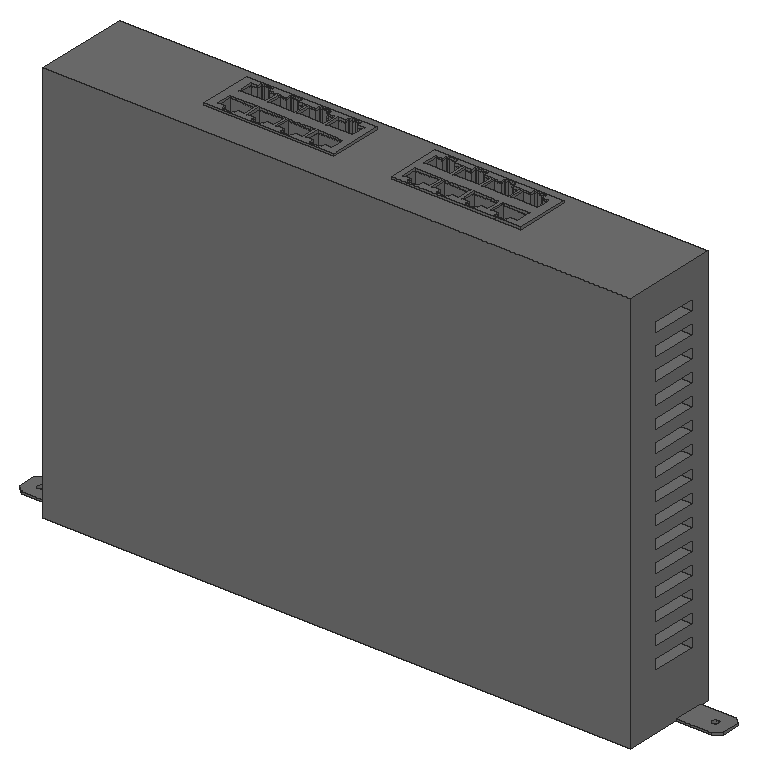
Revit family "Б4958_RV17_LOD400 (05.11.23)", category Электрооборудование, Revit 2017
Family settings
  Конфигурация панели = Два столбца, слева направо
  Размер круглого соединителя = Использовать диаметр
  Тип детали = Щит
  На основе рабочей плоскости = Да
  Всегда вертикально = Нет
  При загрузке вырезать с полостями = Нет
  Общий = Нет
  Точка расчета площади = Нет
Parameters (values of type "Б4958_Инжектор PoE")
  Суммарная мощность подключаемых устройств по РоЕ, Вт = 200
  Стандарт интерфейса связи = "10/100 Base-T Ethernet"
  Смещение_УГО_Y [instance] = 0 mm
  Смещение_УГО_X [instance] = 0 mm
  Расстояние передачи, до, м = 100
  Раздел проекта [instance] = ""
  Раздел Спецификации [instance] = ""
  Потребляемый ток, не более, А = 2.2 A
  Default Elevation = 1219.2 mm
  Напряжение = "220"
  Мощность = "25"
  Максимальная мощность подключаемого устройства по РоЕ на один порт, не более, Вт = 25
  Количество портов LAN и PoE, шт. = 8
  Диапазон рабочих температур, °С = "от – 40 до + 50"
  Выходное напряжение постоянного тока, В = "48 Passive РоЕ"
  Время непрерывной работы = "круглосуточно"
  В_Смещение_УГО_Y [instance] = Смещение_УГО_Y + 2000 mm  # 2000 mm
  В_Смещение_УГО_X [instance] = Смещение_УГО_X + 2000 mm  # 2000 mm
  d_короба = 20 mm
  ADSK_Размер_Длина = 313 mm
  ADSK_Размер_Глубина = 187 mm
  ADSK_Размер_Высота = 45 mm
  ADSK_Примечание = ""
  ADSK_Наименование = "Инжектор РоЕ Б4958\r\n\r\n \r\nИнжектор РоЕ Б4958\r\n\r\nИнжектор РоЕ Б4958"
  ADSK_Масса = 2.6
  ADSK_Марка = "СТВФ.426471.092"
  ADSK_Количество = 1
  ADSK_Завод-изготовитель = "ООО «Основа Безопасности»"  # constant formula
  ADSK_Единица измерения = "шт."  # constant formula
  ADSK_URL страницы изделия = "https://stilsoft.ru/products/b4958"
  ADSK_URL документации изделия = ""
Reference planes
  plane 1 "По центру (Вперед/Назад)": y = 0
  plane 2: z = 0
  plane 3 "По центру (Влево/Вправо)": x = 0
  plane 4: y = 2000
  plane 5: x = -2000
  plane 6: x = 0
  plane 7: y = 0
  plane 8: x = 156.5
  plane 9: x = -156.5
  plane 10: x = -136.5
  plane 11 "1": x = 136.5
Forms (mm)
  Extrusion 1, solid, material "корпус", detail levels medium+fine
    sketch origin (0, 20.413, 0) x (0, -1, 0) y (1, 0, 0)
      loop
        line (45, -136.5) -> (45, 136.5) -> (0, 136.5) -> (0, -136.5) -> (45, -136.5)
    from 0 to 187
  Extrusion 2, solid, material "корпус", detail levels medium+fine
    sketch origin (0, 20.413, 0) x (0, -1, 0) y (1, 0, 0)
      loop
        line (36, -153.469) -> (36, -136.5) -> (22, -136.5) -> (22, -153.469) -> (25.031, -156.5) -> (32.969, -156.5) -> (36, -153.469)
      loop
        circle (29.161, -149.7) r 1.572
      loop
        line (19, 153.469) -> (15.969, 156.5) -> (8.031, 156.5) -> (5, 153.469) -> (5, 136.5) -> (19, 136.5) -> (19, 153.469)
      loop
        circle (12.161, 149.7) r 1.572
    from 0 to 1
  Extrusion 3, void
    sketch origin (136.5, -20.413, -280) x (0, -1, 0) y (0, 0, 1)
      loop
        line (-31.826, 306) -> (-9.826, 306) -> (-9.826, 311) -> (-31.826, 311) -> (-31.826, 306)
    from 0 to 20
  Extrusion 4, void
    sketch origin (136.5, -20.413, -270) x (0, -1, 0) y (0, 0, 1)
      loop
        line (-31.826, 306) -> (-9.826, 306) -> (-9.826, 311) -> (-31.826, 311) -> (-31.826, 306)
    from 0 to 20
  Extrusion 5, void
    sketch origin (136.5, -20.413, -260) x (0, -1, 0) y (0, 0, 1)
      loop
        line (-31.826, 306) -> (-9.826, 306) -> (-9.826, 311) -> (-31.826, 311) -> (-31.826, 306)
    from 0 to 20
  Extrusion 6, void
    sketch origin (136.5, -20.413, -250) x (0, -1, 0) y (0, 0, 1)
      loop
        line (-31.826, 306) -> (-9.826, 306) -> (-9.826, 311) -> (-31.826, 311) -> (-31.826, 306)
    from 0 to 20
  Extrusion 7, void
    sketch origin (136.5, -20.413, -240) x (0, -1, 0) y (0, 0, 1)
      loop
        line (-31.826, 306) -> (-9.826, 306) -> (-9.826, 311) -> (-31.826, 311) -> (-31.826, 306)
    from 0 to 20
  Extrusion 8, void
    sketch origin (136.5, -20.413, -230) x (0, -1, 0) y (0, 0, 1)
      loop
        line (-31.826, 306) -> (-9.826, 306) -> (-9.826, 311) -> (-31.826, 311) -> (-31.826, 306)
    from 0 to 20
  Extrusion 9, void
    sketch origin (136.5, -20.413, -220) x (0, -1, 0) y (0, 0, 1)
      loop
        line (-31.826, 306) -> (-9.826, 306) -> (-9.826, 311) -> (-31.826, 311) -> (-31.826, 306)
    from 0 to 20
  Extrusion 10, void
    sketch origin (136.5, -20.413, -210) x (0, -1, 0) y (0, 0, 1)
      loop
        line (-31.826, 306) -> (-9.826, 306) -> (-9.826, 311) -> (-31.826, 311) -> (-31.826, 306)
    from 0 to 20
  Extrusion 11, void
    sketch origin (136.5, -20.413, -200) x (0, -1, 0) y (0, 0, 1)
      loop
        line (-31.826, 306) -> (-9.826, 306) -> (-9.826, 311) -> (-31.826, 311) -> (-31.826, 306)
    from 0 to 20
  Extrusion 12, void
    sketch origin (136.5, -20.413, -190) x (0, -1, 0) y (0, 0, 1)
      loop
        line (-31.826, 306) -> (-9.826, 306) -> (-9.826, 311) -> (-31.826, 311) -> (-31.826, 306)
    from 0 to 20
  Extrusion 13, void
    sketch origin (136.5, -20.413, -180) x (0, -1, 0) y (0, 0, 1)
      loop
        line (-31.826, 306) -> (-9.826, 306) -> (-9.826, 311) -> (-31.826, 311) -> (-31.826, 306)
    from 0 to 20
  Extrusion 14, void
    sketch origin (136.5, -20.413, -170) x (0, -1, 0) y (0, 0, 1)
      loop
        line (-31.826, 306) -> (-9.826, 306) -> (-9.826, 311) -> (-31.826, 311) -> (-31.826, 306)
    from 0 to 20
  Extrusion 15, void
    sketch origin (136.5, -20.413, -160) x (0, -1, 0) y (0, 0, 1)
      loop
        line (-31.826, 306) -> (-9.826, 306) -> (-9.826, 311) -> (-31.826, 311) -> (-31.826, 306)
    from 0 to 20
  Extrusion 16, void
    sketch origin (136.5, -20.413, -150) x (0, -1, 0) y (0, 0, 1)
      loop
        line (-31.826, 306) -> (-9.826, 306) -> (-9.826, 311) -> (-31.826, 311) -> (-31.826, 306)
    from 0 to 20
  Extrusion 17, void
    sketch origin (136.5, -20.413, -140) x (0, -1, 0) y (0, 0, 1)
      loop
        line (-31.826, 306) -> (-9.826, 306) -> (-9.826, 311) -> (-31.826, 311) -> (-31.826, 306)
    from 0 to 20
  Extrusion 18, solid, material "корпус", detail levels medium+fine
    sketch origin (0, 20.413, 187) x (-1, 0, 0) y (0, -1, 0)
      loop
        line (-73.5, 5) -> (-13.5, 5) -> (-13.5, 30) -> (-73.5, 30) -> (-73.5, 5)
      loop
        line (13.5, 5) -> (73.5, 5) -> (73.5, 30) -> (13.5, 30) -> (13.5, 5)
    from 0 to 1
  Extrusion 19, void, detail levels medium+fine
    sketch origin (0, 20.413, 187) x (-1, 0, 0) y (0, -1, 0)
      loop
        line (-69.5, 20) -> (-57, 20) -> (-57, 26.972) -> (-60.428, 26.972) -> (-60.428, 28.661) -> (-61.221, 28.661) -> (-61.221, 29.5) -> (-63.25, 29.5) -> (-65.279, 29.5) -> (-65.279, 28.661) -> (-66.072, 28.661) -> (-66.072, 26.972) -> (-69.5, 26.972) -> (-69.5, 20)
    from 1 to -9
  Extrusion 20, void
    sketch origin (-13.525, 20.413, 187) x (-1, 0, 0) y (0, -1, 0)
      loop
        line (-69.5, 20) -> (-57, 20) -> (-57, 26.972) -> (-60.428, 26.972) -> (-60.428, 28.661) -> (-61.221, 28.661) -> (-61.221, 29.5) -> (-63.25, 29.5) -> (-65.279, 29.5) -> (-65.279, 28.661) -> (-66.072, 28.661) -> (-66.072, 26.972) -> (-69.5, 26.972) -> (-69.5, 20)
    from 1 to -9
  Extrusion 21, void, detail levels medium+fine
    sketch origin (-27.051, 20.413, 187) x (-1, 0, 0) y (0, -1, 0)
      loop
        line (-69.5, 20) -> (-57, 20) -> (-57, 26.972) -> (-60.428, 26.972) -> (-60.428, 28.661) -> (-61.221, 28.661) -> (-61.221, 29.5) -> (-63.25, 29.5) -> (-65.279, 29.5) -> (-65.279, 28.661) -> (-66.072, 28.661) -> (-66.072, 26.972) -> (-69.5, 26.972) -> (-69.5, 20)
    from 1 to -9
  Extrusion 22, void
    sketch origin (-40.576, 20.413, 187) x (-1, 0, 0) y (0, -1, 0)
      loop
        line (-69.5, 20) -> (-57, 20) -> (-57, 26.972) -> (-60.428, 26.972) -> (-60.428, 28.661) -> (-61.221, 28.661) -> (-61.221, 29.5) -> (-63.25, 29.5) -> (-65.279, 29.5) -> (-65.279, 28.661) -> (-66.072, 28.661) -> (-66.072, 26.972) -> (-69.5, 26.972) -> (-69.5, 20)
    from 1 to -9
  Extrusion 23, void, detail levels medium+fine
    sketch origin (0, 20.413, 187) x (-1, 0, 0) y (0, -1, 0)
      loop
        line (-69.5, 15) -> (-69.5, 8.028) -> (-66.072, 8.028) -> (-66.072, 6.339) -> (-65.279, 6.339) -> (-65.279, 5.5) -> (-63.25, 5.5) -> (-61.221, 5.5) -> (-61.221, 6.339) -> (-60.428, 6.339) -> (-60.428, 8.028) -> (-57, 8.028) -> (-57, 15) -> (-69.5, 15)
    from 1 to -9
  Extrusion 24, void, detail levels medium+fine
    sketch origin (-13.525, 20.413, 187) x (-1, 0, 0) y (0, -1, 0)
      loop
        line (-69.5, 15) -> (-69.5, 8.028) -> (-66.072, 8.028) -> (-66.072, 6.339) -> (-65.279, 6.339) -> (-65.279, 5.5) -> (-63.25, 5.5) -> (-61.221, 5.5) -> (-61.221, 6.339) -> (-60.428, 6.339) -> (-60.428, 8.028) -> (-57, 8.028) -> (-57, 15) -> (-69.5, 15)
    from 1 to -9
  Extrusion 25, void, detail levels medium+fine
    sketch origin (-27.051, 20.413, 187) x (-1, 0, 0) y (0, -1, 0)
      loop
        line (-69.5, 15) -> (-69.5, 8.028) -> (-66.072, 8.028) -> (-66.072, 6.339) -> (-65.279, 6.339) -> (-65.279, 5.5) -> (-63.25, 5.5) -> (-61.221, 5.5) -> (-61.221, 6.339) -> (-60.428, 6.339) -> (-60.428, 8.028) -> (-57, 8.028) -> (-57, 15) -> (-69.5, 15)
    from 1 to -9
  Extrusion 26, void, detail levels medium+fine
    sketch origin (-40.576, 20.413, 187) x (-1, 0, 0) y (0, -1, 0)
      loop
        line (-69.5, 15) -> (-69.5, 8.028) -> (-66.072, 8.028) -> (-66.072, 6.339) -> (-65.279, 6.339) -> (-65.279, 5.5) -> (-63.25, 5.5) -> (-61.221, 5.5) -> (-61.221, 6.339) -> (-60.428, 6.339) -> (-60.428, 8.028) -> (-57, 8.028) -> (-57, 15) -> (-69.5, 15)
    from 1 to -9
  Extrusion 27, void, detail levels medium+fine
    sketch origin (0, 20.413, 187) x (1, 0, 0) y (0, 1, 0)
      loop
        line (-69.5, -20) -> (-69.5, -26.972) -> (-66.072, -26.972) -> (-66.072, -28.661) -> (-65.279, -28.661) -> (-65.279, -29.5) -> (-63.25, -29.5) -> (-61.221, -29.5) -> (-61.221, -28.661) -> (-60.428, -28.661) -> (-60.428, -26.972) -> (-57, -26.972) -> (-57, -20) -> (-69.5, -20)
    from 1 to -9
  Extrusion 28, void
    sketch origin (13.525, 20.413, 187) x (1, 0, 0) y (0, 1, 0)
      loop
        line (-69.5, -20) -> (-69.5, -26.972) -> (-66.072, -26.972) -> (-66.072, -28.661) -> (-65.279, -28.661) -> (-65.279, -29.5) -> (-63.25, -29.5) -> (-61.221, -29.5) -> (-61.221, -28.661) -> (-60.428, -28.661) -> (-60.428, -26.972) -> (-57, -26.972) -> (-57, -20) -> (-69.5, -20)
    from 1 to -9
  Extrusion 29, void, detail levels medium+fine
    sketch origin (27.051, 20.413, 187) x (1, 0, 0) y (0, 1, 0)
      loop
        line (-69.5, -20) -> (-69.5, -26.972) -> (-66.072, -26.972) -> (-66.072, -28.661) -> (-65.279, -28.661) -> (-65.279, -29.5) -> (-63.25, -29.5) -> (-61.221, -29.5) -> (-61.221, -28.661) -> (-60.428, -28.661) -> (-60.428, -26.972) -> (-57, -26.972) -> (-57, -20) -> (-69.5, -20)
    from 1 to -9
  Extrusion 30, void
    sketch origin (40.576, 20.413, 187) x (1, 0, 0) y (0, 1, 0)
      loop
        line (-69.5, -20) -> (-69.5, -26.972) -> (-66.072, -26.972) -> (-66.072, -28.661) -> (-65.279, -28.661) -> (-65.279, -29.5) -> (-63.25, -29.5) -> (-61.221, -29.5) -> (-61.221, -28.661) -> (-60.428, -28.661) -> (-60.428, -26.972) -> (-57, -26.972) -> (-57, -20) -> (-69.5, -20)
    from 1 to -9
  Extrusion 31, void, detail levels medium+fine
    sketch origin (0, 20.413, 187) x (1, 0, 0) y (0, 1, 0)
      loop
        line (-69.5, -15) -> (-57, -15) -> (-57, -8.028) -> (-60.428, -8.028) -> (-60.428, -6.339) -> (-61.221, -6.339) -> (-61.221, -5.5) -> (-63.25, -5.5) -> (-65.279, -5.5) -> (-65.279, -6.339) -> (-66.072, -6.339) -> (-66.072, -8.028) -> (-69.5, -8.028) -> (-69.5, -15)
    from 1 to -9
  Extrusion 32, void, detail levels medium+fine
    sketch origin (13.525, 20.413, 187) x (1, 0, 0) y (0, 1, 0)
      loop
        line (-69.5, -15) -> (-57, -15) -> (-57, -8.028) -> (-60.428, -8.028) -> (-60.428, -6.339) -> (-61.221, -6.339) -> (-61.221, -5.5) -> (-63.25, -5.5) -> (-65.279, -5.5) -> (-65.279, -6.339) -> (-66.072, -6.339) -> (-66.072, -8.028) -> (-69.5, -8.028) -> (-69.5, -15)
    from 1 to -9
  Extrusion 33, void, detail levels medium+fine
    sketch origin (27.051, 20.413, 187) x (1, 0, 0) y (0, 1, 0)
      loop
        line (-69.5, -15) -> (-57, -15) -> (-57, -8.028) -> (-60.428, -8.028) -> (-60.428, -6.339) -> (-61.221, -6.339) -> (-61.221, -5.5) -> (-63.25, -5.5) -> (-65.279, -5.5) -> (-65.279, -6.339) -> (-66.072, -6.339) -> (-66.072, -8.028) -> (-69.5, -8.028) -> (-69.5, -15)
    from 1 to -9
  Extrusion 34, void, detail levels medium+fine
    sketch origin (40.576, 20.413, 187) x (1, 0, 0) y (0, 1, 0)
      loop
        line (-69.5, -15) -> (-57, -15) -> (-57, -8.028) -> (-60.428, -8.028) -> (-60.428, -6.339) -> (-61.221, -6.339) -> (-61.221, -5.5) -> (-63.25, -5.5) -> (-65.279, -5.5) -> (-65.279, -6.339) -> (-66.072, -6.339) -> (-66.072, -8.028) -> (-69.5, -8.028) -> (-69.5, -15)
    from 1 to -9
  Extrusion 35, void
    sketch origin (-136.5, 20.413, -230) x (0, 1, 0) y (0, 0, 1)
      loop
        line (-9, 306) -> (-9, 311) -> (-31, 311) -> (-31, 306) -> (-9, 306)
    from 0 to 20
  Extrusion 36, void
    sketch origin (-136.5, 20.413, -220) x (0, 1, 0) y (0, 0, 1)
      loop
        line (-9, 306) -> (-9, 311) -> (-31, 311) -> (-31, 306) -> (-9, 306)
    from 0 to 20
  Extrusion 37, void
    sketch origin (-136.5, 20.413, -210) x (0, 1, 0) y (0, 0, 1)
      loop
        line (-9, 306) -> (-9, 311) -> (-31, 311) -> (-31, 306) -> (-9, 306)
    from 0 to 20
  Extrusion 38, void
    sketch origin (-136.5, 20.413, -200) x (0, 1, 0) y (0, 0, 1)
      loop
        line (-9, 306) -> (-9, 311) -> (-31, 311) -> (-31, 306) -> (-9, 306)
    from 0 to 20
  Extrusion 39, void
    sketch origin (-136.5, 20.413, -190) x (0, 1, 0) y (0, 0, 1)
      loop
        line (-9, 306) -> (-9, 311) -> (-31, 311) -> (-31, 306) -> (-9, 306)
    from 0 to 20
  Extrusion 40, void
    sketch origin (-136.5, 20.413, -180) x (0, 1, 0) y (0, 0, 1)
      loop
        line (-9, 306) -> (-9, 311) -> (-31, 311) -> (-31, 306) -> (-9, 306)
    from 0 to 20
  Extrusion 41, void
    sketch origin (-136.5, 20.413, -170) x (0, 1, 0) y (0, 0, 1)
      loop
        line (-9, 306) -> (-9, 311) -> (-31, 311) -> (-31, 306) -> (-9, 306)
    from 0 to 20
  Extrusion 42, void
    sketch origin (-136.5, 20.413, -160) x (0, 1, 0) y (0, 0, 1)
      loop
        line (-9, 306) -> (-9, 311) -> (-31, 311) -> (-31, 306) -> (-9, 306)
    from 0 to 20
  Extrusion 43, void
    sketch origin (-136.5, 20.413, -150) x (0, 1, 0) y (0, 0, 1)
      loop
        line (-9, 306) -> (-9, 311) -> (-31, 311) -> (-31, 306) -> (-9, 306)
    from 0 to 20
  Extrusion 44, void
    sketch origin (-136.5, 20.413, -140) x (0, 1, 0) y (0, 0, 1)
      loop
        line (-9, 306) -> (-9, 311) -> (-31, 311) -> (-31, 306) -> (-9, 306)
    from 0 to 20
Cuts and joins
  Extrusion 3, Extrusion 4, Extrusion 5, Extrusion 6, Extrusion 7, Extrusion 8, Extrusion 9, Extrusion 10, Extrusion 11, Extrusion 12, Extrusion 13, Extrusion 14, Extrusion 15, Extrusion 16, Extrusion 17, Extrusion 19, Extrusion 20, Extrusion 21, Extrusion 22, Extrusion 23, Extrusion 24, Extrusion 25, Extrusion 26, Extrusion 27, Extrusion 28, Extrusion 29, Extrusion 30, Extrusion 31, Extrusion 32, Extrusion 33, Extrusion 34, Extrusion 35, Extrusion 36, Extrusion 37, Extrusion 38, Extrusion 39, Extrusion 40, Extrusion 41, Extrusion 42, Extrusion 43, Extrusion 44 cuts Extrusion 1
  Extrusion 19, Extrusion 20, Extrusion 21, Extrusion 22, Extrusion 23, Extrusion 24, Extrusion 25, Extrusion 26, Extrusion 27, Extrusion 28, Extrusion 29, Extrusion 30, Extrusion 31, Extrusion 32, Extrusion 33, Extrusion 34 cuts Extrusion 18
Dimensions and locks
  locked: plane 4 to plane 1 "По центру (Вперед/Назад)" at 2000
  locked: plane 5 to plane 3 "По центру (Влево/Вправо)" at 2000
  "В_Смещение_УГО_X": plane 5 to plane 6
  "В_Смещение_УГО_Y": plane 4 to plane 7
  "ADSK_Размер_Длина": plane 9 to plane 8
  aligned and locked: level to plane 2
  aligned and locked: Extrusion 2 to cut or joined group 1 (Extrusion 1, Extrusion 3, Extrusion 4, Extrusion 5, Extrusion 6, Extrusion 7, Extrusion 8, Extrusion 9, Extrusion 10, Extrusion 11, Extrusion 12, Extrusion 13, Extrusion 14, Extrusion 15, Extrusion 16, Extrusion 17, Extrusion 19, Extrusion 20, Extrusion 21, Extrusion 22, Extrusion 23, Extrusion 24, Extrusion 25, Extrusion 26, Extrusion 27, Extrusion 28, Extrusion 29, Extrusion 30, Extrusion 31, Extrusion 32, Extrusion 33, Extrusion 34, Extrusion 35, Extrusion 36, Extrusion 37, Extrusion 38, Extrusion 39, Extrusion 40, Extrusion 41, Extrusion 42, Extrusion 43, Extrusion 44)  (x3)
  aligned and locked: cut or joined group 1 to cut or joined group 1  (x6)
  aligned and locked: cut or joined group 1 to cut or joined group 2 (Extrusion 18, Extrusion 19, Extrusion 20, Extrusion 21, Extrusion 22, Extrusion 23, Extrusion 24, Extrusion 25, Extrusion 26, Extrusion 27, Extrusion 28, Extrusion 29, Extrusion 30, Extrusion 31, Extrusion 32, Extrusion 33, Extrusion 34)
  aligned and locked: cut or joined group 1 to Extrusion 2
Automatic sketch dimensions
  Extrusion 3 sketch curve to Extrusion 3 sketch curve = 5 mm
  Extrusion 3 sketch curve to Extrusion 3 sketch curve = 22 mm
  Extrusion 4 sketch curve to Extrusion 4 sketch curve = 5 mm
  Extrusion 4 sketch curve to Extrusion 4 sketch curve = 22 mm
  Extrusion 5 sketch curve to Extrusion 5 sketch curve = 5 mm
  Extrusion 5 sketch curve to Extrusion 5 sketch curve = 22 mm
  Extrusion 6 sketch curve to Extrusion 6 sketch curve = 5 mm
  Extrusion 6 sketch curve to Extrusion 6 sketch curve = 22 mm
  Extrusion 7 sketch curve to Extrusion 7 sketch curve = 5 mm
  Extrusion 7 sketch curve to Extrusion 7 sketch curve = 22 mm
  Extrusion 8 sketch curve to Extrusion 8 sketch curve = 5 mm
  Extrusion 8 sketch curve to Extrusion 8 sketch curve = 22 mm
  Extrusion 9 sketch curve to Extrusion 9 sketch curve = 5 mm
  Extrusion 9 sketch curve to Extrusion 9 sketch curve = 22 mm
  Extrusion 10 sketch curve to Extrusion 10 sketch curve = 5 mm
  Extrusion 10 sketch curve to Extrusion 10 sketch curve = 22 mm
  Extrusion 11 sketch curve to Extrusion 11 sketch curve = 5 mm
  Extrusion 11 sketch curve to Extrusion 11 sketch curve = 22 mm
  Extrusion 12 sketch curve to Extrusion 12 sketch curve = 5 mm
  Extrusion 12 sketch curve to Extrusion 12 sketch curve = 22 mm
  Extrusion 13 sketch curve to Extrusion 13 sketch curve = 5 mm
  Extrusion 13 sketch curve to Extrusion 13 sketch curve = 22 mm
  Extrusion 14 sketch curve to Extrusion 14 sketch curve = 5 mm
  Extrusion 14 sketch curve to Extrusion 14 sketch curve = 22 mm
  Extrusion 15 sketch curve to Extrusion 15 sketch curve = 5 mm
  Extrusion 15 sketch curve to Extrusion 15 sketch curve = 22 mm
  Extrusion 16 sketch curve to Extrusion 16 sketch curve = 5 mm
  Extrusion 16 sketch curve to Extrusion 16 sketch curve = 22 mm
  Extrusion 17 sketch curve to Extrusion 17 sketch curve = 5 mm
  Extrusion 17 sketch curve to Extrusion 17 sketch curve = 22 mm
  Extrusion 35 sketch curve to Extrusion 35 sketch curve = 5 mm
  Extrusion 35 sketch curve to Extrusion 35 sketch curve = 22 mm
  Extrusion 36 sketch curve to Extrusion 36 sketch curve = 5 mm
  Extrusion 36 sketch curve to Extrusion 36 sketch curve = 22 mm
  Extrusion 37 sketch curve to Extrusion 37 sketch curve = 5 mm
  Extrusion 37 sketch curve to Extrusion 37 sketch curve = 22 mm
  Extrusion 38 sketch curve to Extrusion 38 sketch curve = 5 mm
  Extrusion 38 sketch curve to Extrusion 38 sketch curve = 22 mm
  Extrusion 39 sketch curve to Extrusion 39 sketch curve = 5 mm
  Extrusion 39 sketch curve to Extrusion 39 sketch curve = 22 mm
  Extrusion 40 sketch curve to Extrusion 40 sketch curve = 5 mm
  Extrusion 40 sketch curve to Extrusion 40 sketch curve = 22 mm
  Extrusion 41 sketch curve to Extrusion 41 sketch curve = 5 mm
  Extrusion 41 sketch curve to Extrusion 41 sketch curve = 22 mm
  Extrusion 42 sketch curve to Extrusion 42 sketch curve = 5 mm
  Extrusion 42 sketch curve to Extrusion 42 sketch curve = 22 mm
  Extrusion 43 sketch curve to Extrusion 43 sketch curve = 5 mm
  Extrusion 43 sketch curve to Extrusion 43 sketch curve = 22 mm
  Extrusion 44 sketch curve to Extrusion 44 sketch curve = 5 mm
  Extrusion 44 sketch curve to Extrusion 44 sketch curve = 22 mm
  Extrusion 1 sketch curve to plane 1 "По центру (Вперед/Назад)" = 20.413 mm
  Extrusion 1 sketch curve to plane 10 = 0 mm
  Extrusion 1 sketch curve to plane 11 "1" = 0 mm
  plane 1 "По центру (Вперед/Назад)" to Extrusion 1 sketch curve = 24.587 mm
  Extrusion 2 sketch curve to plane 11 "1" = 0 mm
  Extrusion 2 sketch curve to plane 8 = 0 mm
  Extrusion 2 sketch curve to plane 10 = 0 mm
  Extrusion 2 sketch curve to plane 9 = 0 mm
  Extrusion 2 sketch curve to plane 1 "По центру (Вперед/Назад)" = 15.413 mm
  Extrusion 2 sketch curve to Extrusion 2 sketch curve = 3.031 mm  (x2)
  Extrusion 2 sketch curve to Extrusion 2 sketch curve = 4.13 mm  (x2)
  Extrusion 2 sketch curve to Extrusion 2 sketch curve = 3.809 mm  (x2)
  Extrusion 2 sketch curve to Extrusion 2 sketch curve = 14 mm  (x2)
  Extrusion 2 sketch curve to plane 9 = 3.031 mm  (x2)
  plane 1 "По центру (Вперед/Назад)" to Extrusion 2 sketch curve = 1.587 mm
  Extrusion 2 sketch curve to plane 9 = 6.8 mm
  Extrusion 2 sketch curve to plane 8 = 6.8 mm
  Extrusion 2 sketch curve to plane 8 = 3.031 mm  (x2)
  plane 1 "По центру (Вперед/Назад)" to Extrusion 18 sketch curve = 9.587 mm
  plane 11 "1" to Extrusion 18 sketch curve = 63 mm
  Extrusion 18 sketch curve to plane 1 "По центру (Вперед/Назад)" = 15.413 mm  (x2)
  plane 3 "По центру (Влево/Вправо)" to Extrusion 18 sketch curve = 13.5 mm
  Extrusion 18 sketch curve to plane 3 "По центру (Влево/Вправо)" = 13.5 mm
  Extrusion 18 sketch curve to Extrusion 18 sketch curve = 60 mm
  Extrusion 18 sketch curve to Extrusion 18 sketch curve = 25 mm
  Extrusion 19 sketch curve to plane 1 "По центру (Вперед/Назад)" = 0.413 mm
  plane 11 "1" to Extrusion 19 sketch curve = 67 mm
  Extrusion 19 sketch curve to Extrusion 19 sketch curve = 3.428 mm  (x2)
  Extrusion 19 sketch curve to Extrusion 19 sketch curve = 0.793 mm  (x2)
  Extrusion 19 sketch curve to Extrusion 19 sketch curve = 2.029 mm  (x2)
  Extrusion 19 sketch curve to Extrusion 19 sketch curve = 6.972 mm  (x2)
  Extrusion 19 sketch curve to Extrusion 19 sketch curve = 1.69 mm  (x2)
  Extrusion 19 sketch curve to Extrusion 19 sketch curve = 0.839 mm
  Extrusion 20 sketch curve to plane 1 "По центру (Вперед/Назад)" = 0.413 mm
  plane 3 "По центру (Влево/Вправо)" to Extrusion 20 sketch curve = 55.975 mm
  Extrusion 20 sketch curve to Extrusion 20 sketch curve = 3.428 mm  (x2)
  Extrusion 20 sketch curve to Extrusion 20 sketch curve = 0.793 mm  (x2)
  Extrusion 20 sketch curve to Extrusion 20 sketch curve = 2.029 mm  (x2)
  Extrusion 20 sketch curve to Extrusion 20 sketch curve = 6.972 mm  (x2)
  Extrusion 20 sketch curve to Extrusion 20 sketch curve = 1.69 mm  (x2)
  Extrusion 20 sketch curve to Extrusion 20 sketch curve = 0.839 mm
  Extrusion 21 sketch curve to plane 1 "По центру (Вперед/Назад)" = 0.413 mm
  plane 3 "По центру (Влево/Вправо)" to Extrusion 21 sketch curve = 42.449 mm
  Extrusion 21 sketch curve to Extrusion 21 sketch curve = 3.428 mm  (x2)
  Extrusion 21 sketch curve to Extrusion 21 sketch curve = 0.793 mm  (x2)
  Extrusion 21 sketch curve to Extrusion 21 sketch curve = 2.029 mm  (x2)
  Extrusion 21 sketch curve to Extrusion 21 sketch curve = 6.972 mm  (x2)
  Extrusion 21 sketch curve to Extrusion 21 sketch curve = 1.69 mm  (x2)
  Extrusion 21 sketch curve to Extrusion 21 sketch curve = 0.839 mm
  plane 3 "По центру (Влево/Вправо)" to Extrusion 22 sketch curve = 28.924 mm
  Extrusion 22 sketch curve to Extrusion 22 sketch curve = 3.428 mm  (x2)
  Extrusion 22 sketch curve to Extrusion 22 sketch curve = 0.793 mm  (x2)
  Extrusion 22 sketch curve to Extrusion 22 sketch curve = 2.029 mm  (x2)
  Extrusion 22 sketch curve to plane 1 "По центру (Вперед/Назад)" = 0.413 mm
  Extrusion 22 sketch curve to Extrusion 22 sketch curve = 6.972 mm  (x2)
  Extrusion 22 sketch curve to Extrusion 22 sketch curve = 1.69 mm  (x2)
  Extrusion 22 sketch curve to Extrusion 22 sketch curve = 0.839 mm
  Extrusion 23 sketch curve to plane 1 "По центру (Вперед/Назад)" = 5.413 mm
  plane 11 "1" to Extrusion 23 sketch curve = 67 mm
  Extrusion 23 sketch curve to Extrusion 23 sketch curve = 3.428 mm  (x2)
  Extrusion 23 sketch curve to Extrusion 23 sketch curve = 0.793 mm  (x2)
  Extrusion 23 sketch curve to Extrusion 23 sketch curve = 2.029 mm  (x2)
  Extrusion 23 sketch curve to Extrusion 23 sketch curve = 6.972 mm  (x2)
  Extrusion 23 sketch curve to Extrusion 23 sketch curve = 1.69 mm  (x2)
  Extrusion 23 sketch curve to Extrusion 23 sketch curve = 0.839 mm
  Extrusion 24 sketch curve to plane 1 "По центру (Вперед/Назад)" = 5.413 mm
  plane 3 "По центру (Влево/Вправо)" to Extrusion 24 sketch curve = 55.975 mm
  Extrusion 24 sketch curve to Extrusion 24 sketch curve = 3.428 mm  (x2)
  Extrusion 24 sketch curve to Extrusion 24 sketch curve = 0.793 mm  (x2)
  Extrusion 24 sketch curve to Extrusion 24 sketch curve = 2.029 mm  (x2)
  Extrusion 24 sketch curve to Extrusion 24 sketch curve = 6.972 mm  (x2)
  Extrusion 24 sketch curve to Extrusion 24 sketch curve = 1.69 mm  (x2)
  Extrusion 24 sketch curve to Extrusion 24 sketch curve = 0.839 mm
  Extrusion 25 sketch curve to plane 1 "По центру (Вперед/Назад)" = 5.413 mm
  plane 3 "По центру (Влево/Вправо)" to Extrusion 25 sketch curve = 42.449 mm
  Extrusion 25 sketch curve to Extrusion 25 sketch curve = 3.428 mm  (x2)
  Extrusion 25 sketch curve to Extrusion 25 sketch curve = 0.793 mm  (x2)
  Extrusion 25 sketch curve to Extrusion 25 sketch curve = 2.029 mm  (x2)
  Extrusion 25 sketch curve to Extrusion 25 sketch curve = 6.972 mm  (x2)
  Extrusion 25 sketch curve to Extrusion 25 sketch curve = 1.69 mm  (x2)
  Extrusion 25 sketch curve to Extrusion 25 sketch curve = 0.839 mm
  plane 3 "По центру (Влево/Вправо)" to Extrusion 26 sketch curve = 28.924 mm
  Extrusion 26 sketch curve to Extrusion 26 sketch curve = 3.428 mm  (x2)
  Extrusion 26 sketch curve to Extrusion 26 sketch curve = 0.793 mm  (x2)
  Extrusion 26 sketch curve to Extrusion 26 sketch curve = 2.029 mm  (x2)
  Extrusion 26 sketch curve to plane 1 "По центру (Вперед/Назад)" = 14.913 mm
  Extrusion 26 sketch curve to Extrusion 26 sketch curve = 0.839 mm  (x2)
  Extrusion 26 sketch curve to Extrusion 26 sketch curve = 1.69 mm  (x2)
  Extrusion 26 sketch curve to Extrusion 26 sketch curve = 6.972 mm
  Extrusion 27 sketch curve to plane 1 "По центру (Вперед/Назад)" = 0.413 mm
  plane 10 to Extrusion 27 sketch curve = 67 mm
  Extrusion 27 sketch curve to Extrusion 27 sketch curve = 3.428 mm  (x2)
  Extrusion 27 sketch curve to Extrusion 27 sketch curve = 0.793 mm  (x2)
  Extrusion 27 sketch curve to Extrusion 27 sketch curve = 2.029 mm  (x2)
  Extrusion 27 sketch curve to Extrusion 27 sketch curve = 6.972 mm  (x2)
  Extrusion 27 sketch curve to Extrusion 27 sketch curve = 1.69 mm  (x2)
  Extrusion 27 sketch curve to Extrusion 27 sketch curve = 0.839 mm
  Extrusion 28 sketch curve to plane 1 "По центру (Вперед/Назад)" = 0.413 mm
  Extrusion 28 sketch curve to plane 3 "По центру (Влево/Вправо)" = 55.975 mm
  Extrusion 28 sketch curve to Extrusion 28 sketch curve = 3.428 mm  (x2)
  Extrusion 28 sketch curve to Extrusion 28 sketch curve = 0.793 mm  (x2)
  Extrusion 28 sketch curve to Extrusion 28 sketch curve = 2.029 mm  (x2)
  Extrusion 28 sketch curve to Extrusion 28 sketch curve = 6.972 mm  (x2)
  Extrusion 28 sketch curve to Extrusion 28 sketch curve = 1.69 mm  (x2)
  Extrusion 28 sketch curve to Extrusion 28 sketch curve = 0.839 mm
  Extrusion 29 sketch curve to plane 1 "По центру (Вперед/Назад)" = 0.413 mm
  Extrusion 29 sketch curve to plane 3 "По центру (Влево/Вправо)" = 42.449 mm
  Extrusion 29 sketch curve to Extrusion 29 sketch curve = 3.428 mm  (x2)
  Extrusion 29 sketch curve to Extrusion 29 sketch curve = 0.793 mm  (x2)
  Extrusion 29 sketch curve to Extrusion 29 sketch curve = 2.029 mm  (x2)
  Extrusion 29 sketch curve to Extrusion 29 sketch curve = 6.972 mm  (x2)
  Extrusion 29 sketch curve to Extrusion 29 sketch curve = 1.69 mm  (x2)
  Extrusion 29 sketch curve to Extrusion 29 sketch curve = 0.839 mm
  Extrusion 30 sketch curve to plane 3 "По центру (Влево/Вправо)" = 28.924 mm
  Extrusion 30 sketch curve to Extrusion 30 sketch curve = 3.428 mm  (x2)
  Extrusion 30 sketch curve to Extrusion 30 sketch curve = 0.793 mm  (x2)
  Extrusion 30 sketch curve to Extrusion 30 sketch curve = 2.029 mm  (x2)
  plane 1 "По центру (Вперед/Назад)" to Extrusion 30 sketch curve = 9.087 mm
  Extrusion 30 sketch curve to Extrusion 30 sketch curve = 0.839 mm  (x2)
  Extrusion 30 sketch curve to Extrusion 30 sketch curve = 1.69 mm  (x2)
  Extrusion 30 sketch curve to Extrusion 30 sketch curve = 6.972 mm
  Extrusion 31 sketch curve to plane 1 "По центру (Вперед/Назад)" = 5.413 mm
  plane 10 to Extrusion 31 sketch curve = 67 mm
  Extrusion 31 sketch curve to Extrusion 31 sketch curve = 3.428 mm  (x2)
  Extrusion 31 sketch curve to Extrusion 31 sketch curve = 0.793 mm  (x2)
  Extrusion 31 sketch curve to Extrusion 31 sketch curve = 2.029 mm  (x2)
  Extrusion 31 sketch curve to Extrusion 31 sketch curve = 6.972 mm  (x2)
  Extrusion 31 sketch curve to Extrusion 31 sketch curve = 1.69 mm  (x2)
  Extrusion 31 sketch curve to Extrusion 31 sketch curve = 0.839 mm
  Extrusion 32 sketch curve to plane 1 "По центру (Вперед/Назад)" = 5.413 mm
  Extrusion 32 sketch curve to plane 3 "По центру (Влево/Вправо)" = 55.975 mm
  Extrusion 32 sketch curve to Extrusion 32 sketch curve = 3.428 mm  (x2)
  Extrusion 32 sketch curve to Extrusion 32 sketch curve = 0.793 mm  (x2)
  Extrusion 32 sketch curve to Extrusion 32 sketch curve = 2.029 mm  (x2)
  Extrusion 32 sketch curve to Extrusion 32 sketch curve = 6.972 mm  (x2)
  Extrusion 32 sketch curve to Extrusion 32 sketch curve = 1.69 mm  (x2)
  Extrusion 32 sketch curve to Extrusion 32 sketch curve = 0.839 mm
  Extrusion 33 sketch curve to plane 1 "По центру (Вперед/Назад)" = 5.413 mm
  Extrusion 33 sketch curve to plane 3 "По центру (Влево/Вправо)" = 42.449 mm
  Extrusion 33 sketch curve to Extrusion 33 sketch curve = 3.428 mm  (x2)
  Extrusion 33 sketch curve to Extrusion 33 sketch curve = 0.793 mm  (x2)
  Extrusion 33 sketch curve to Extrusion 33 sketch curve = 2.029 mm  (x2)
  Extrusion 33 sketch curve to Extrusion 33 sketch curve = 6.972 mm  (x2)
  Extrusion 33 sketch curve to Extrusion 33 sketch curve = 1.69 mm  (x2)
  Extrusion 33 sketch curve to Extrusion 33 sketch curve = 0.839 mm
  Extrusion 34 sketch curve to plane 3 "По центру (Влево/Вправо)" = 28.924 mm
  Extrusion 34 sketch curve to Extrusion 34 sketch curve = 3.428 mm  (x2)
  Extrusion 34 sketch curve to Extrusion 34 sketch curve = 0.793 mm  (x2)
  Extrusion 34 sketch curve to Extrusion 34 sketch curve = 2.029 mm  (x2)
  Extrusion 34 sketch curve to plane 1 "По центру (Вперед/Назад)" = 5.413 mm
  Extrusion 34 sketch curve to Extrusion 34 sketch curve = 6.972 mm  (x2)
  Extrusion 34 sketch curve to Extrusion 34 sketch curve = 1.69 mm  (x2)
  Extrusion 34 sketch curve to Extrusion 34 sketch curve = 0.839 mm
  radius of Extrusion 2 sketch curve = 1.572 mm  (x2)
Connectors
  electrical at (-63.25, 12.416, 187)
    settings: on cut or joined group 1, index 1, voltage 0 V, apparent load 0 VA, apparent load phase1 0 VA, apparent load phase2 0 VA, apparent load phase3 0 VA, power factor 1, load classification "Прочее", number of poles 1, system type 14, power factor state 1, is connector primary yes, connector utility no, sub classification motor no, connector description ""
  electrical at (-49.725, 12.416, 187)
    settings: on cut or joined group 1, index 2, voltage 0 V, apparent load 0 VA, apparent load phase1 0 VA, apparent load phase2 0 VA, apparent load phase3 0 VA, power factor 1, load classification "Прочее", number of poles 1, system type 14, power factor state 1, is connector primary no, connector utility no, sub classification motor no, connector description ""
  electrical at (-36.199, 12.416, 187)
    settings: on cut or joined group 1, index 3, voltage 0 V, apparent load 0 VA, apparent load phase1 0 VA, apparent load phase2 0 VA, apparent load phase3 0 VA, power factor 1, load classification "Прочее", number of poles 1, system type 14, power factor state 1, is connector primary no, connector utility no, sub classification motor no, connector description ""
  electrical at (-22.674, 12.416, 188)
    settings: on cut or joined group 2, index 4, voltage 0 V, apparent load 0 VA, apparent load phase1 0 VA, apparent load phase2 0 VA, apparent load phase3 0 VA, power factor 1, load classification "Прочее", number of poles 1, system type 14, power factor state 1, is connector primary no, connector utility no, sub classification motor no, connector description ""
  electrical at (-36.199, 12.416, 188)
    settings: on cut or joined group 2, index 5, voltage 0 V, apparent load 0 VA, apparent load phase1 0 VA, apparent load phase2 0 VA, apparent load phase3 0 VA, power factor 1, load classification "Прочее", number of poles 1, system type 14, power factor state 1, is connector primary no, connector utility no, sub classification motor no, connector description ""
  electrical at (-63.25, -6.589, 187)
    settings: on cut or joined group 1, index 6, voltage 0 V, apparent load 0 VA, apparent load phase1 0 VA, apparent load phase2 0 VA, apparent load phase3 0 VA, power factor 1, load classification "Прочее", number of poles 1, system type 14, power factor state 1, is connector primary no, connector utility no, sub classification motor no, connector description ""
  electrical at (-49.725, -6.589, 187)
    settings: on cut or joined group 1, index 7, voltage 0 V, apparent load 0 VA, apparent load phase1 0 VA, apparent load phase2 0 VA, apparent load phase3 0 VA, power factor 1, load classification "Прочее", number of poles 1, system type 14, power factor state 1, is connector primary no, connector utility no, sub classification motor no, connector description ""
  electrical at (-36.199, -6.589, 187)
    settings: on cut or joined group 1, index 8, voltage 0 V, apparent load 0 VA, apparent load phase1 0 VA, apparent load phase2 0 VA, apparent load phase3 0 VA, power factor 1, load classification "Прочее", number of poles 1, system type 14, power factor state 1, is connector primary no, connector utility no, sub classification motor no, connector description ""
  electrical at (-22.674, -6.589, 187)
    settings: on cut or joined group 1, index 9, voltage 0 V, apparent load 0 VA, apparent load phase1 0 VA, apparent load phase2 0 VA, apparent load phase3 0 VA, power factor 1, load classification "Прочее", number of poles 1, system type 14, power factor state 1, is connector primary no, connector utility no, sub classification motor no, connector description ""
  electrical at (22.674, 12.416, 187)
    settings: on cut or joined group 1, index 10, voltage 0 V, apparent load 0 VA, apparent load phase1 0 VA, apparent load phase2 0 VA, apparent load phase3 0 VA, power factor 1, load classification "Прочее", number of poles 1, system type 14, power factor state 1, is connector primary no, connector utility no, sub classification motor no, connector description ""
  electrical at (36.199, 12.416, 188)
    settings: on cut or joined group 2, index 11, voltage 0 V, apparent load 0 VA, apparent load phase1 0 VA, apparent load phase2 0 VA, apparent load phase3 0 VA, power factor 1, load classification "Прочее", number of poles 1, system type 14, power factor state 1, is connector primary no, connector utility no, sub classification motor no, connector description ""
  electrical at (49.725, 12.416, 187)
    settings: on cut or joined group 1, index 12, voltage 0 V, apparent load 0 VA, apparent load phase1 0 VA, apparent load phase2 0 VA, apparent load phase3 0 VA, power factor 1, load classification "Прочее", number of poles 1, system type 14, power factor state 1, is connector primary no, connector utility no, sub classification motor no, connector description ""
  electrical at (63.25, 12.416, 188)
    settings: on cut or joined group 2, index 13, voltage 0 V, apparent load 0 VA, apparent load phase1 0 VA, apparent load phase2 0 VA, apparent load phase3 0 VA, power factor 1, load classification "Прочее", number of poles 1, system type 14, power factor state 1, is connector primary no, connector utility no, sub classification motor no, connector description ""
  electrical at (22.674, -6.589, 178)
    settings: on cut or joined group 1, index 14, voltage 0 V, apparent load 0 VA, apparent load phase1 0 VA, apparent load phase2 0 VA, apparent load phase3 0 VA, power factor 1, load classification "Прочее", number of poles 1, system type 14, power factor state 1, is connector primary no, connector utility no, sub classification motor no, connector description ""
  electrical at (36.199, -6.589, 178)
    settings: on cut or joined group 1, index 15, voltage 0 V, apparent load 0 VA, apparent load phase1 0 VA, apparent load phase2 0 VA, apparent load phase3 0 VA, power factor 1, load classification "Прочее", number of poles 1, system type 14, power factor state 1, is connector primary no, connector utility no, sub classification motor no, connector description ""
  electrical at (49.725, -6.589, 178)
    settings: on cut or joined group 1, index 16, voltage 0 V, apparent load 0 VA, apparent load phase1 0 VA, apparent load phase2 0 VA, apparent load phase3 0 VA, power factor 1, load classification "Прочее", number of poles 1, system type 14, power factor state 1, is connector primary no, connector utility no, sub classification motor no, connector description ""
  electrical at (63.25, -6.589, 178)
    settings: on cut or joined group 1, index 17, voltage 0 V, apparent load 0 VA, apparent load phase1 0 VA, apparent load phase2 0 VA, apparent load phase3 0 VA, power factor 1, load classification "Прочее", number of poles 1, system type 14, power factor state 1, is connector primary no, connector utility no, sub classification motor no, connector description ""
  cabletrayconduit at (-63.25, 12.416, 188), diameter 20, driven by "d_короба"
    settings: on cut or joined group 2, index 18, connector width 300 mm, connector height 300 mm, connector angle 0.00°, system type 32, placement type 0, profile type 0, connector reference index -1, is primary connector yes, connector utility param no, connector description ""
  cabletrayconduit at (-49.725, 12.416, 188), diameter 20, driven by "d_короба"
    settings: on cut or joined group 2, index 19, connector width 300 mm, connector height 300 mm, connector angle 0.00°, system type 32, placement type 0, profile type 0, connector reference index -1, is primary connector no, connector utility param no, connector description ""
  cabletrayconduit at (-36.199, 12.416, 188), diameter 20, driven by "d_короба"
    settings: on cut or joined group 2, index 20, connector width 300 mm, connector height 300 mm, connector angle 0.00°, system type 32, placement type 0, profile type 0, connector reference index -1, is primary connector no, connector utility param no, connector description ""
  cabletrayconduit at (-22.674, 12.416, 187), diameter 20, driven by "d_короба"
    settings: on cut or joined group 1, index 21, connector width 300 mm, connector height 300 mm, connector angle 0.00°, system type 32, placement type 0, profile type 0, connector reference index -1, is primary connector no, connector utility param no, connector description ""
  cabletrayconduit at (-22.674, -6.589, 178), diameter 20, driven by "d_короба"
    settings: on cut or joined group 1, index 22, connector width 300 mm, connector height 300 mm, connector angle 0.00°, system type 32, placement type 0, profile type 0, connector reference index -1, is primary connector no, connector utility param no, connector description ""
  cabletrayconduit at (-36.199, -6.589, 178), diameter 20, driven by "d_короба"
    settings: on cut or joined group 1, index 23, connector width 300 mm, connector height 300 mm, connector angle 0.00°, system type 32, placement type 0, profile type 0, connector reference index -1, is primary connector no, connector utility param no, connector description ""
  cabletrayconduit at (-49.725, -6.589, 178), diameter 20, driven by "d_короба"
    settings: on cut or joined group 1, index 24, connector width 300 mm, connector height 300 mm, connector angle 0.00°, system type 32, placement type 0, profile type 0, connector reference index -1, is primary connector no, connector utility param no, connector description ""
  cabletrayconduit at (-63.25, -6.589, 187), diameter 20, driven by "d_короба"
    settings: on cut or joined group 1, index 25, connector width 300 mm, connector height 300 mm, connector angle 0.00°, system type 32, placement type 0, profile type 0, connector reference index -1, is primary connector no, connector utility param no, connector description ""
  cabletrayconduit at (22.674, -6.589, 178), diameter 20, driven by "d_короба"
    settings: on cut or joined group 1, index 26, connector width 300 mm, connector height 300 mm, connector angle 0.00°, system type 32, placement type 0, profile type 0, connector reference index -1, is primary connector no, connector utility param no, connector description ""
